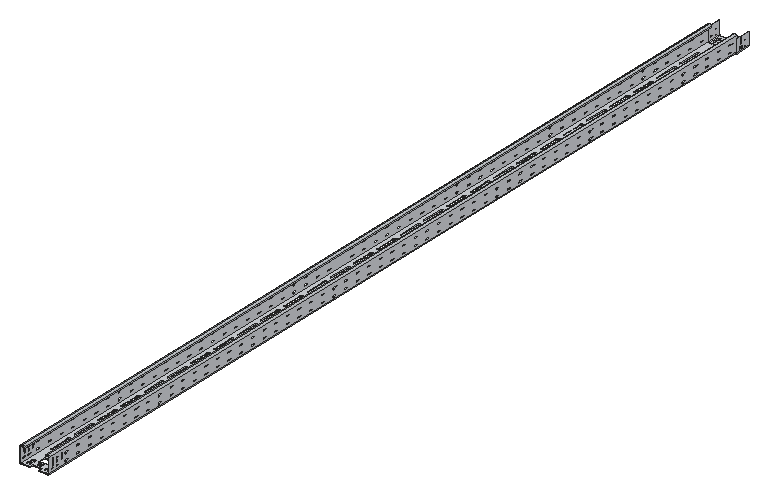
Revit family "Kabelrinne MKS Magic-MKSM Kabelrinne 1 mm, FT,FS", category Generic Models, Revit 2017 (continued)
Dimensions and locks
  aligned and locked: plane 8 to cut or joined group 1 (Extrusion 1, Extrusion 3, Extrusion 4, Extrusion 5, Extrusion 6, Extrusion 7, Extrusion 8, Extrusion 9, Extrusion 10, Extrusion 11, Extrusion 12, Extrusion 13, Extrusion 14, Extrusion 30, Extrusion 31, Extrusion 32, Extrusion 33, Extrusion 34, Extrusion 35, Extrusion 36, Extrusion 37, Extrusion 38, Extrusion 39, Extrusion 40, Extrusion 41, Extrusion 42, Extrusion 43, Extrusion 44, Extrusion 45, Extrusion 46, Extrusion 47, Extrusion 48, Extrusion 49, Extrusion 50, Extrusion 51, Extrusion 52, Extrusion 53, Extrusion 54, Extrusion 55, Extrusion 56, Extrusion 57, Extrusion 58, Extrusion 59, Extrusion 60, Extrusion 61, Extrusion 62, Extrusion 63, Extrusion 64, Extrusion 65, Extrusion 66, Extrusion 67, Extrusion 68, Extrusion 69, Extrusion 70, Extrusion 71, Extrusion 72, Extrusion 73, Extrusion 74, Extrusion 75, Extrusion 76, Extrusion 77, Extrusion 78, Extrusion 79, Extrusion 80, Extrusion 81, Extrusion 82, Extrusion 83, Extrusion 84, Extrusion 85, Extrusion 86, Extrusion 87, Extrusion 88, Extrusion 89, Extrusion 90, Extrusion 91, Extrusion 92, Extrusion 93, Extrusion 94, Extrusion 95, Extrusion 96, Extrusion 97, Extrusion 98, Extrusion 99, Extrusion 100, Extrusion 101, Extrusion 102, Extrusion 103, Extrusion 104, Extrusion 105, Extrusion 106, Extrusion 107, Extrusion 108, Extrusion 109, Extrusion 110, Extrusion 111, Extrusion 112, Extrusion 113, Extrusion 114, Extrusion 115, Extrusion 116, Extrusion 117, Extrusion 118, Extrusion 119, Extrusion 120, Extrusion 121, Extrusion 122, Extrusion 123, Extrusion 124, Extrusion 125, Extrusion 126, Extrusion 127, Extrusion 128, Extrusion 129, Extrusion 130, Extrusion 131, Extrusion 132, Extrusion 133, Extrusion 134, Extrusion 135, Extrusion 136, Extrusion 137, Extrusion 138, Extrusion 139, Extrusion 140, Extrusion 141, Extrusion 142, Extrusion 143, Extrusion 144, Extrusion 145, Extrusion 146, Extrusion 147, Extrusion 148, Extrusion 149, Extrusion 150, Extrusion 151, Extrusion 152, Extrusion 153, Extrusion 154, Extrusion 155, Extrusion 156, Extrusion 157, Extrusion 158, Extrusion 159, Extrusion 160, Extrusion 161, Extrusion 162, Extrusion 163, Extrusion 164, Extrusion 165, Extrusion 166, Extrusion 167, Extrusion 168, Extrusion 169, Extrusion 170, Extrusion 171, Extrusion 172, Extrusion 173, Extrusion 174, Extrusion 175, Extrusion 176, Extrusion 177, Extrusion 178, Extrusion 179, Extrusion 180, Extrusion 181, Extrusion 182, Extrusion 183, Extrusion 184, Extrusion 185, Extrusion 186, Extrusion 187, Extrusion 188, Extrusion 189, Extrusion 190, Extrusion 191, Extrusion 192, Extrusion 193, Extrusion 194, Extrusion 195, Extrusion 196, Extrusion 197, Extrusion 198, Extrusion 199, Extrusion 200, Extrusion 201, Extrusion 202, Extrusion 203, Extrusion 204, Extrusion 205, Extrusion 206, Extrusion 207, Extrusion 208, Extrusion 209, Extrusion 210, Extrusion 211, Extrusion 212, Extrusion 213, Extrusion 214, Extrusion 215, Extrusion 216, Extrusion 217, Extrusion 218, Extrusion 219, Extrusion 220, Extrusion 221, Extrusion 222, Extrusion 223, Extrusion 224, Extrusion 225, Extrusion 226, Extrusion 227, Extrusion 228, Extrusion 229, Extrusion 230, Extrusion 231, Extrusion 232, Extrusion 233, Extrusion 234, Extrusion 235, Extrusion 236, Extrusion 237, Extrusion 238, Extrusion 239, Extrusion 240, Extrusion 241, Extrusion 242, Extrusion 243, Extrusion 244, Extrusion 245, Extrusion 246, Extrusion 247, Extrusion 248, Extrusion 249, Extrusion 250, Extrusion 251, Extrusion 252, Extrusion 253, Extrusion 254, Extrusion 255, Extrusion 256, Extrusion 257, Extrusion 258, Extrusion 259, Extrusion 260, Extrusion 262, Extrusion 263, Extrusion 264, Extrusion 265, Extrusion 266, Extrusion 267, Extrusion 268, Extrusion 269, Extrusion 270, Extrusion 271, Extrusion 272, Extrusion 273, Extrusion 274, Extrusion 275, Extrusion 276, Extrusion 277, Extrusion 278, Extrusion 279, Extrusion 280, Extrusion 281, Extrusion 282, Extrusion 283, Extrusion 284, Extrusion 285, Extrusion 286, Extrusion 287, Extrusion 288, Extrusion 289, Extrusion 290, Extrusion 291, Extrusion 292, Extrusion 293, Extrusion 294, Extrusion 295, Extrusion 296, Extrusion 297, Extrusion 298, Extrusion 299, Extrusion 300, Extrusion 301, Extrusion 302, Extrusion 303, Extrusion 304, Extrusion 305, Extrusion 306, Extrusion 307, Extrusion 308, Extrusion 309, Extrusion 310, Extrusion 311, Extrusion 312, Extrusion 313, Extrusion 314, Extrusion 315, Extrusion 316, Extrusion 317, Extrusion 318, Extrusion 319, Extrusion 320, Extrusion 321, Extrusion 322, Extrusion 323, Extrusion 324, Extrusion 325, Extrusion 326, Extrusion 327, Extrusion 328, Extrusion 329, Extrusion 330, Extrusion 331, Extrusion 332, Extrusion 333, Extrusion 334, Extrusion 335, Extrusion 336, Extrusion 337, Extrusion 338, Extrusion 339, Extrusion 340, Extrusion 341, Extrusion 342, Extrusion 343, Extrusion 344, Extrusion 345, Extrusion 346, Extrusion 347, Extrusion 348, Extrusion 349, Extrusion 350, Extrusion 352, Extrusion 354, Extrusion 355, Extrusion 356, Extrusion 357, Extrusion 358, Extrusion 359, Extrusion 360, Extrusion 361, Extrusion 362, Extrusion 363, Extrusion 364, Extrusion 365, Extrusion 366, Extrusion 367, Extrusion 368, Extrusion 369, Extrusion 370, Extrusion 371, Extrusion 372, Extrusion 373, Extrusion 374, Extrusion 375, Extrusion 376, Extrusion 377, Extrusion 378, Extrusion 379, Extrusion 380, Extrusion 381, Extrusion 382, Extrusion 383, Extrusion 384, Extrusion 385, Extrusion 386, Extrusion 387, Extrusion 388, Extrusion 389, Extrusion 390, Extrusion 391, Extrusion 392, Extrusion 393, Extrusion 394, Extrusion 395, Extrusion 396, Extrusion 397, Extrusion 398, Extrusion 399, Extrusion 400, Extrusion 401, Extrusion 402, Extrusion 403, Extrusion 404, Extrusion 405, Extrusion 406, Extrusion 407, Extrusion 408, Extrusion 409, Extrusion 410, Extrusion 411)
  aligned and locked: plane 2 to cut or joined group 1
  aligned and locked: Extrusion 351 to plane 67
  aligned and locked: Extrusion 352 to level
  aligned and locked: plane 71 to Extrusion 351
  aligned and locked: Extrusion 354 sketch curve to Extrusion 353  (x5)
  aligned and locked: Extrusion 354 to level
  aligned and locked: Extrusion 355 sketch curve to Extrusion 351  (x4)
  aligned and locked: Extrusion 355 to level
  aligned and locked: Extrusion 356 to level
Automatic sketch dimensions
  Extrusion 31 sketch curve to Extrusion 31 sketch curve = 13 mm
  Extrusion 31 sketch curve to Extrusion 31 sketch curve = 3.5 mm
  Extrusion 30 sketch curve to Extrusion 30 sketch curve = 13 mm
  Extrusion 30 sketch curve to Extrusion 30 sketch curve = 3.5 mm
  Extrusion 32 sketch curve to Extrusion 32 sketch curve = 13 mm
  Extrusion 32 sketch curve to Extrusion 32 sketch curve = 3.5 mm
  Extrusion 33 sketch curve to Extrusion 33 sketch curve = 13 mm
  Extrusion 33 sketch curve to Extrusion 33 sketch curve = 3.5 mm
  Extrusion 34 sketch curve to Extrusion 34 sketch curve = 13 mm
  Extrusion 34 sketch curve to Extrusion 34 sketch curve = 3.5 mm
  Extrusion 35 sketch curve to Extrusion 35 sketch curve = 13 mm
  Extrusion 35 sketch curve to Extrusion 35 sketch curve = 3.5 mm
  Extrusion 36 sketch curve to Extrusion 36 sketch curve = 13 mm
  Extrusion 36 sketch curve to Extrusion 36 sketch curve = 3.5 mm
  Extrusion 37 sketch curve to Extrusion 37 sketch curve = 13 mm
  Extrusion 37 sketch curve to Extrusion 37 sketch curve = 3.5 mm
  Extrusion 38 sketch curve to Extrusion 38 sketch curve = 13 mm
  Extrusion 38 sketch curve to Extrusion 38 sketch curve = 3.5 mm
  Extrusion 39 sketch curve to Extrusion 39 sketch curve = 13 mm
  Extrusion 39 sketch curve to Extrusion 39 sketch curve = 3.5 mm
  Extrusion 40 sketch curve to Extrusion 40 sketch curve = 13 mm
  Extrusion 40 sketch curve to Extrusion 40 sketch curve = 3.5 mm
  Extrusion 41 sketch curve to Extrusion 41 sketch curve = 13 mm
  Extrusion 41 sketch curve to Extrusion 41 sketch curve = 3.5 mm
  Extrusion 42 sketch curve to Extrusion 42 sketch curve = 13 mm
  Extrusion 42 sketch curve to Extrusion 42 sketch curve = 3.5 mm
  Extrusion 43 sketch curve to Extrusion 43 sketch curve = 13 mm
  Extrusion 43 sketch curve to Extrusion 43 sketch curve = 3.5 mm
  Extrusion 44 sketch curve to Extrusion 44 sketch curve = 13 mm
  Extrusion 44 sketch curve to Extrusion 44 sketch curve = 3.5 mm
  Extrusion 45 sketch curve to Extrusion 45 sketch curve = 13 mm
  Extrusion 45 sketch curve to Extrusion 45 sketch curve = 3.5 mm
  Extrusion 46 sketch curve to Extrusion 46 sketch curve = 13 mm
  Extrusion 46 sketch curve to Extrusion 46 sketch curve = 3.5 mm
  Extrusion 47 sketch curve to Extrusion 47 sketch curve = 13 mm
  Extrusion 47 sketch curve to Extrusion 47 sketch curve = 3.5 mm
  Extrusion 48 sketch curve to Extrusion 48 sketch curve = 13 mm
  Extrusion 48 sketch curve to Extrusion 48 sketch curve = 3.5 mm
  Extrusion 49 sketch curve to Extrusion 49 sketch curve = 13 mm
  Extrusion 49 sketch curve to Extrusion 49 sketch curve = 3.5 mm
  Extrusion 50 sketch curve to Extrusion 50 sketch curve = 13 mm
  Extrusion 50 sketch curve to Extrusion 50 sketch curve = 3.5 mm
  Extrusion 51 sketch curve to Extrusion 51 sketch curve = 13 mm
  Extrusion 51 sketch curve to Extrusion 51 sketch curve = 3.5 mm
  Extrusion 52 sketch curve to Extrusion 52 sketch curve = 13 mm
  Extrusion 52 sketch curve to Extrusion 52 sketch curve = 3.5 mm
  Extrusion 53 sketch curve to Extrusion 53 sketch curve = 13 mm
  Extrusion 53 sketch curve to Extrusion 53 sketch curve = 3.5 mm
  Extrusion 54 sketch curve to Extrusion 54 sketch curve = 13 mm
  Extrusion 54 sketch curve to Extrusion 54 sketch curve = 3.5 mm
  Extrusion 55 sketch curve to Extrusion 55 sketch curve = 13 mm
  Extrusion 55 sketch curve to Extrusion 55 sketch curve = 3.5 mm
  Extrusion 56 sketch curve to Extrusion 56 sketch curve = 13 mm
  Extrusion 56 sketch curve to Extrusion 56 sketch curve = 3.5 mm
  Extrusion 57 sketch curve to Extrusion 57 sketch curve = 13 mm
  Extrusion 57 sketch curve to Extrusion 57 sketch curve = 3.5 mm
  Extrusion 58 sketch curve to Extrusion 58 sketch curve = 13 mm
  Extrusion 58 sketch curve to Extrusion 58 sketch curve = 3.5 mm
  Extrusion 59 sketch curve to Extrusion 59 sketch curve = 13 mm
  Extrusion 59 sketch curve to Extrusion 59 sketch curve = 3.5 mm
  Extrusion 60 sketch curve to Extrusion 60 sketch curve = 13 mm
  Extrusion 60 sketch curve to Extrusion 60 sketch curve = 3.5 mm
  Extrusion 61 sketch curve to Extrusion 61 sketch curve = 13 mm
  Extrusion 61 sketch curve to Extrusion 61 sketch curve = 3.5 mm
  Extrusion 62 sketch curve to Extrusion 62 sketch curve = 13 mm
  Extrusion 62 sketch curve to Extrusion 62 sketch curve = 3.5 mm
  Extrusion 63 sketch curve to Extrusion 63 sketch curve = 13 mm
  Extrusion 63 sketch curve to Extrusion 63 sketch curve = 3.5 mm
  Extrusion 64 sketch curve to Extrusion 64 sketch curve = 13 mm
  Extrusion 64 sketch curve to Extrusion 64 sketch curve = 3.5 mm
  Extrusion 65 sketch curve to Extrusion 65 sketch curve = 13 mm
  Extrusion 65 sketch curve to Extrusion 65 sketch curve = 3.5 mm
  Extrusion 66 sketch curve to Extrusion 66 sketch curve = 13 mm
  Extrusion 66 sketch curve to Extrusion 66 sketch curve = 3.5 mm
  Extrusion 67 sketch curve to Extrusion 67 sketch curve = 13 mm
  Extrusion 67 sketch curve to Extrusion 67 sketch curve = 3.5 mm
  Extrusion 68 sketch curve to Extrusion 68 sketch curve = 13 mm
  Extrusion 68 sketch curve to Extrusion 68 sketch curve = 3.5 mm
  Extrusion 69 sketch curve to Extrusion 69 sketch curve = 13 mm
  Extrusion 69 sketch curve to Extrusion 69 sketch curve = 3.5 mm
  Extrusion 70 sketch curve to Extrusion 70 sketch curve = 13 mm
  Extrusion 70 sketch curve to Extrusion 70 sketch curve = 3.5 mm
  Extrusion 71 sketch curve to Extrusion 71 sketch curve = 13 mm
  Extrusion 71 sketch curve to Extrusion 71 sketch curve = 3.5 mm
  Extrusion 72 sketch curve to Extrusion 72 sketch curve = 13 mm
  Extrusion 72 sketch curve to Extrusion 72 sketch curve = 3.5 mm
  Extrusion 73 sketch curve to Extrusion 73 sketch curve = 13 mm
  Extrusion 73 sketch curve to Extrusion 73 sketch curve = 3.5 mm
  Extrusion 74 sketch curve to Extrusion 74 sketch curve = 13 mm
  Extrusion 74 sketch curve to Extrusion 74 sketch curve = 3.5 mm
  Extrusion 75 sketch curve to Extrusion 75 sketch curve = 13 mm
  Extrusion 75 sketch curve to Extrusion 75 sketch curve = 3.5 mm
  Extrusion 76 sketch curve to Extrusion 76 sketch curve = 13 mm
  Extrusion 76 sketch curve to Extrusion 76 sketch curve = 3.5 mm
  Extrusion 77 sketch curve to Extrusion 77 sketch curve = 13 mm
  Extrusion 77 sketch curve to Extrusion 77 sketch curve = 3.5 mm
  Extrusion 78 sketch curve to Extrusion 78 sketch curve = 13 mm
  Extrusion 78 sketch curve to Extrusion 78 sketch curve = 3.5 mm
  Extrusion 79 sketch curve to Extrusion 79 sketch curve = 13 mm
  Extrusion 79 sketch curve to Extrusion 79 sketch curve = 3.5 mm
  Extrusion 80 sketch curve to Extrusion 80 sketch curve = 13 mm
  Extrusion 80 sketch curve to Extrusion 80 sketch curve = 3.5 mm
  Extrusion 81 sketch curve to Extrusion 81 sketch curve = 13 mm
  Extrusion 81 sketch curve to Extrusion 81 sketch curve = 3.5 mm
  Extrusion 82 sketch curve to Extrusion 82 sketch curve = 13 mm
  Extrusion 82 sketch curve to Extrusion 82 sketch curve = 3.5 mm
  Extrusion 83 sketch curve to Extrusion 83 sketch curve = 13 mm
  Extrusion 83 sketch curve to Extrusion 83 sketch curve = 3.5 mm
  Extrusion 84 sketch curve to Extrusion 84 sketch curve = 13 mm
  Extrusion 84 sketch curve to Extrusion 84 sketch curve = 3.5 mm
  Extrusion 85 sketch curve to Extrusion 85 sketch curve = 13 mm
  Extrusion 85 sketch curve to Extrusion 85 sketch curve = 3.5 mm
  Extrusion 86 sketch curve to Extrusion 86 sketch curve = 13 mm
  Extrusion 86 sketch curve to Extrusion 86 sketch curve = 3.5 mm
  Extrusion 87 sketch curve to Extrusion 87 sketch curve = 13 mm
  Extrusion 87 sketch curve to Extrusion 87 sketch curve = 3.5 mm
  Extrusion 89 sketch curve to Extrusion 89 sketch curve = 13 mm
  Extrusion 89 sketch curve to Extrusion 89 sketch curve = 3.5 mm
  Extrusion 90 sketch curve to Extrusion 90 sketch curve = 13 mm
  Extrusion 90 sketch curve to Extrusion 90 sketch curve = 3.5 mm
  Extrusion 91 sketch curve to Extrusion 91 sketch curve = 13 mm
  Extrusion 91 sketch curve to Extrusion 91 sketch curve = 3.5 mm
  Extrusion 92 sketch curve to Extrusion 92 sketch curve = 13 mm
  Extrusion 92 sketch curve to Extrusion 92 sketch curve = 3.5 mm
  Extrusion 93 sketch curve to Extrusion 93 sketch curve = 13 mm
  Extrusion 93 sketch curve to Extrusion 93 sketch curve = 3.5 mm
  Extrusion 94 sketch curve to Extrusion 94 sketch curve = 13 mm
  Extrusion 94 sketch curve to Extrusion 94 sketch curve = 3.5 mm
  Extrusion 95 sketch curve to Extrusion 95 sketch curve = 13 mm
  Extrusion 95 sketch curve to Extrusion 95 sketch curve = 3.5 mm
  Extrusion 96 sketch curve to Extrusion 96 sketch curve = 13 mm
  Extrusion 96 sketch curve to Extrusion 96 sketch curve = 3.5 mm
  Extrusion 97 sketch curve to Extrusion 97 sketch curve = 13 mm
  Extrusion 97 sketch curve to Extrusion 97 sketch curve = 3.5 mm
  Extrusion 98 sketch curve to Extrusion 98 sketch curve = 13 mm
  Extrusion 98 sketch curve to Extrusion 98 sketch curve = 3.5 mm
  Extrusion 99 sketch curve to Extrusion 99 sketch curve = 13 mm
  Extrusion 99 sketch curve to Extrusion 99 sketch curve = 3.5 mm
  Extrusion 100 sketch curve to Extrusion 100 sketch curve = 13 mm
  Extrusion 100 sketch curve to Extrusion 100 sketch curve = 3.5 mm
  Extrusion 101 sketch curve to Extrusion 101 sketch curve = 13 mm
  Extrusion 101 sketch curve to Extrusion 101 sketch curve = 3.5 mm
  Extrusion 102 sketch curve to Extrusion 102 sketch curve = 13 mm
  Extrusion 102 sketch curve to Extrusion 102 sketch curve = 3.5 mm
  Extrusion 103 sketch curve to Extrusion 103 sketch curve = 13 mm
  Extrusion 103 sketch curve to Extrusion 103 sketch curve = 3.5 mm
  Extrusion 104 sketch curve to Extrusion 104 sketch curve = 13 mm
  Extrusion 104 sketch curve to Extrusion 104 sketch curve = 3.5 mm
  Extrusion 105 sketch curve to Extrusion 105 sketch curve = 13 mm
  Extrusion 105 sketch curve to Extrusion 105 sketch curve = 3.5 mm
  Extrusion 106 sketch curve to Extrusion 106 sketch curve = 13 mm
  Extrusion 106 sketch curve to Extrusion 106 sketch curve = 3.5 mm
  Extrusion 107 sketch curve to Extrusion 107 sketch curve = 13 mm
  Extrusion 107 sketch curve to Extrusion 107 sketch curve = 3.5 mm
  Extrusion 108 sketch curve to Extrusion 108 sketch curve = 13 mm
  Extrusion 108 sketch curve to Extrusion 108 sketch curve = 3.5 mm
  Extrusion 109 sketch curve to Extrusion 109 sketch curve = 13 mm
  Extrusion 109 sketch curve to Extrusion 109 sketch curve = 3.5 mm
  Extrusion 110 sketch curve to Extrusion 110 sketch curve = 13 mm
  Extrusion 110 sketch curve to Extrusion 110 sketch curve = 3.5 mm
  Extrusion 111 sketch curve to Extrusion 111 sketch curve = 13 mm
  Extrusion 111 sketch curve to Extrusion 111 sketch curve = 3.5 mm
  Extrusion 112 sketch curve to Extrusion 112 sketch curve = 13 mm
  Extrusion 112 sketch curve to Extrusion 112 sketch curve = 3.5 mm
  Extrusion 113 sketch curve to Extrusion 113 sketch curve = 13 mm
  Extrusion 113 sketch curve to Extrusion 113 sketch curve = 3.5 mm
  Extrusion 114 sketch curve to Extrusion 114 sketch curve = 13 mm
  Extrusion 114 sketch curve to Extrusion 114 sketch curve = 3.5 mm
  Extrusion 115 sketch curve to Extrusion 115 sketch curve = 13 mm
  Extrusion 115 sketch curve to Extrusion 115 sketch curve = 3.5 mm
  Extrusion 116 sketch curve to Extrusion 116 sketch curve = 13 mm
  Extrusion 116 sketch curve to Extrusion 116 sketch curve = 3.5 mm
  Extrusion 117 sketch curve to Extrusion 117 sketch curve = 13 mm
  Extrusion 117 sketch curve to Extrusion 117 sketch curve = 3.5 mm
  Extrusion 118 sketch curve to Extrusion 118 sketch curve = 13 mm
  Extrusion 118 sketch curve to Extrusion 118 sketch curve = 3.5 mm
  Extrusion 119 sketch curve to Extrusion 119 sketch curve = 13 mm
  Extrusion 119 sketch curve to Extrusion 119 sketch curve = 3.5 mm
  Extrusion 120 sketch curve to Extrusion 120 sketch curve = 13 mm
  Extrusion 120 sketch curve to Extrusion 120 sketch curve = 3.5 mm
  Extrusion 121 sketch curve to Extrusion 121 sketch curve = 13 mm
  Extrusion 121 sketch curve to Extrusion 121 sketch curve = 3.5 mm
  Extrusion 122 sketch curve to Extrusion 122 sketch curve = 13 mm
  Extrusion 122 sketch curve to Extrusion 122 sketch curve = 3.5 mm
  Extrusion 123 sketch curve to Extrusion 123 sketch curve = 13 mm
  Extrusion 123 sketch curve to Extrusion 123 sketch curve = 3.5 mm
  Extrusion 124 sketch curve to Extrusion 124 sketch curve = 13 mm
  Extrusion 124 sketch curve to Extrusion 124 sketch curve = 3.5 mm
  Extrusion 125 sketch curve to Extrusion 125 sketch curve = 13 mm
  Extrusion 125 sketch curve to Extrusion 125 sketch curve = 3.5 mm
  Extrusion 126 sketch curve to Extrusion 126 sketch curve = 13 mm
  Extrusion 126 sketch curve to Extrusion 126 sketch curve = 3.5 mm
  Extrusion 127 sketch curve to Extrusion 127 sketch curve = 13 mm
  Extrusion 127 sketch curve to Extrusion 127 sketch curve = 3.5 mm
  Extrusion 128 sketch curve to Extrusion 128 sketch curve = 13 mm
  Extrusion 128 sketch curve to Extrusion 128 sketch curve = 3.5 mm
  Extrusion 129 sketch curve to Extrusion 129 sketch curve = 13 mm
  Extrusion 129 sketch curve to Extrusion 129 sketch curve = 3.5 mm
  Extrusion 130 sketch curve to Extrusion 130 sketch curve = 13 mm
  Extrusion 130 sketch curve to Extrusion 130 sketch curve = 3.5 mm
  Extrusion 131 sketch curve to Extrusion 131 sketch curve = 13 mm
  Extrusion 131 sketch curve to Extrusion 131 sketch curve = 3.5 mm
  Extrusion 132 sketch curve to Extrusion 132 sketch curve = 13 mm
  Extrusion 132 sketch curve to Extrusion 132 sketch curve = 3.5 mm
  Extrusion 133 sketch curve to Extrusion 133 sketch curve = 13 mm
  Extrusion 133 sketch curve to Extrusion 133 sketch curve = 3.5 mm
  Extrusion 134 sketch curve to Extrusion 134 sketch curve = 13 mm
  Extrusion 134 sketch curve to Extrusion 134 sketch curve = 3.5 mm
  Extrusion 135 sketch curve to Extrusion 135 sketch curve = 13 mm
  Extrusion 135 sketch curve to Extrusion 135 sketch curve = 3.5 mm
  Extrusion 136 sketch curve to Extrusion 136 sketch curve = 13 mm
  Extrusion 136 sketch curve to Extrusion 136 sketch curve = 3.5 mm
  Extrusion 137 sketch curve to Extrusion 137 sketch curve = 13 mm
  Extrusion 137 sketch curve to Extrusion 137 sketch curve = 3.5 mm
  Extrusion 138 sketch curve to Extrusion 138 sketch curve = 13 mm
  Extrusion 138 sketch curve to Extrusion 138 sketch curve = 3.5 mm
  Extrusion 139 sketch curve to Extrusion 139 sketch curve = 13 mm
  Extrusion 139 sketch curve to Extrusion 139 sketch curve = 3.5 mm
  Extrusion 140 sketch curve to Extrusion 140 sketch curve = 13 mm
  Extrusion 140 sketch curve to Extrusion 140 sketch curve = 3.5 mm
  Extrusion 141 sketch curve to Extrusion 141 sketch curve = 13 mm
  Extrusion 141 sketch curve to Extrusion 141 sketch curve = 3.5 mm
  Extrusion 142 sketch curve to Extrusion 142 sketch curve = 13 mm
  Extrusion 142 sketch curve to Extrusion 142 sketch curve = 3.5 mm
  Extrusion 143 sketch curve to Extrusion 143 sketch curve = 13 mm
  Extrusion 143 sketch curve to Extrusion 143 sketch curve = 3.5 mm
  Extrusion 144 sketch curve to Extrusion 144 sketch curve = 13 mm
  Extrusion 144 sketch curve to Extrusion 144 sketch curve = 3.5 mm
  Extrusion 145 sketch curve to Extrusion 145 sketch curve = 13 mm
  Extrusion 145 sketch curve to Extrusion 145 sketch curve = 3.5 mm
  Extrusion 146 sketch curve to Extrusion 146 sketch curve = 13 mm
  Extrusion 146 sketch curve to Extrusion 146 sketch curve = 3.5 mm
  Extrusion 147 sketch curve to Extrusion 147 sketch curve = 13 mm
  Extrusion 147 sketch curve to Extrusion 147 sketch curve = 3.5 mm
  Extrusion 148 sketch curve to Extrusion 148 sketch curve = 13 mm
  Extrusion 148 sketch curve to Extrusion 148 sketch curve = 3.5 mm
  Extrusion 149 sketch curve to Extrusion 149 sketch curve = 13 mm
  Extrusion 149 sketch curve to Extrusion 149 sketch curve = 3.5 mm
  Extrusion 150 sketch curve to Extrusion 150 sketch curve = 13 mm
  Extrusion 150 sketch curve to Extrusion 150 sketch curve = 3.5 mm
  Extrusion 151 sketch curve to Extrusion 151 sketch curve = 13 mm
  Extrusion 151 sketch curve to Extrusion 151 sketch curve = 3.5 mm
  Extrusion 152 sketch curve to Extrusion 152 sketch curve = 13 mm
  Extrusion 152 sketch curve to Extrusion 152 sketch curve = 3.5 mm
  Extrusion 153 sketch curve to Extrusion 153 sketch curve = 13 mm
  Extrusion 153 sketch curve to Extrusion 153 sketch curve = 3.5 mm
  Extrusion 154 sketch curve to Extrusion 154 sketch curve = 13 mm
  Extrusion 154 sketch curve to Extrusion 154 sketch curve = 3.5 mm
  Extrusion 155 sketch curve to Extrusion 155 sketch curve = 13 mm
  Extrusion 155 sketch curve to Extrusion 155 sketch curve = 3.5 mm
  Extrusion 156 sketch curve to Extrusion 156 sketch curve = 13 mm
  Extrusion 156 sketch curve to Extrusion 156 sketch curve = 3.5 mm
  Extrusion 157 sketch curve to Extrusion 157 sketch curve = 13 mm
  Extrusion 157 sketch curve to Extrusion 157 sketch curve = 3.5 mm
  Extrusion 158 sketch curve to Extrusion 158 sketch curve = 13 mm
  Extrusion 158 sketch curve to Extrusion 158 sketch curve = 3.5 mm
  Extrusion 159 sketch curve to Extrusion 159 sketch curve = 13 mm
  Extrusion 159 sketch curve to Extrusion 159 sketch curve = 3.5 mm
  Extrusion 160 sketch curve to Extrusion 160 sketch curve = 13 mm
  Extrusion 160 sketch curve to Extrusion 160 sketch curve = 3.5 mm
  Extrusion 161 sketch curve to Extrusion 161 sketch curve = 13 mm
  Extrusion 161 sketch curve to Extrusion 161 sketch curve = 3.5 mm
  Extrusion 162 sketch curve to Extrusion 162 sketch curve = 13 mm
  Extrusion 162 sketch curve to Extrusion 162 sketch curve = 3.5 mm
  Extrusion 163 sketch curve to Extrusion 163 sketch curve = 13 mm
  Extrusion 163 sketch curve to Extrusion 163 sketch curve = 3.5 mm
  Extrusion 164 sketch curve to Extrusion 164 sketch curve = 13 mm
  Extrusion 164 sketch curve to Extrusion 164 sketch curve = 3.5 mm
  Extrusion 165 sketch curve to Extrusion 165 sketch curve = 13 mm
  Extrusion 165 sketch curve to Extrusion 165 sketch curve = 3.5 mm
  Extrusion 166 sketch curve to Extrusion 166 sketch curve = 13 mm
  Extrusion 166 sketch curve to Extrusion 166 sketch curve = 3.5 mm
  Extrusion 167 sketch curve to Extrusion 167 sketch curve = 13 mm
  Extrusion 167 sketch curve to Extrusion 167 sketch curve = 3.5 mm
  Extrusion 168 sketch curve to Extrusion 168 sketch curve = 13 mm
  Extrusion 168 sketch curve to Extrusion 168 sketch curve = 3.5 mm
  Extrusion 169 sketch curve to Extrusion 169 sketch curve = 13 mm
  Extrusion 169 sketch curve to Extrusion 169 sketch curve = 3.5 mm
  Extrusion 170 sketch curve to Extrusion 170 sketch curve = 13 mm
  Extrusion 170 sketch curve to Extrusion 170 sketch curve = 3.5 mm
  Extrusion 171 sketch curve to Extrusion 171 sketch curve = 13 mm
  Extrusion 171 sketch curve to Extrusion 171 sketch curve = 3.5 mm
  Extrusion 172 sketch curve to Extrusion 172 sketch curve = 13 mm
  Extrusion 172 sketch curve to Extrusion 172 sketch curve = 3.5 mm
  Extrusion 173 sketch curve to Extrusion 173 sketch curve = 13 mm
  Extrusion 173 sketch curve to Extrusion 173 sketch curve = 3.5 mm
  Extrusion 174 sketch curve to Extrusion 174 sketch curve = 13 mm
  Extrusion 174 sketch curve to Extrusion 174 sketch curve = 3.5 mm
  Extrusion 175 sketch curve to Extrusion 175 sketch curve = 13 mm
  Extrusion 175 sketch curve to Extrusion 175 sketch curve = 3.5 mm
  Extrusion 176 sketch curve to Extrusion 176 sketch curve = 13 mm
  Extrusion 176 sketch curve to Extrusion 176 sketch curve = 3.5 mm
  Extrusion 177 sketch curve to Extrusion 177 sketch curve = 13 mm
  Extrusion 177 sketch curve to Extrusion 177 sketch curve = 3.5 mm
  Extrusion 178 sketch curve to Extrusion 178 sketch curve = 13 mm
  Extrusion 178 sketch curve to Extrusion 178 sketch curve = 3.5 mm
  Extrusion 179 sketch curve to Extrusion 179 sketch curve = 13 mm
  Extrusion 179 sketch curve to Extrusion 179 sketch curve = 3.5 mm
  Extrusion 180 sketch curve to Extrusion 180 sketch curve = 13 mm
  Extrusion 180 sketch curve to Extrusion 180 sketch curve = 3.5 mm
  Extrusion 181 sketch curve to Extrusion 181 sketch curve = 13 mm
  Extrusion 181 sketch curve to Extrusion 181 sketch curve = 3.5 mm
  Extrusion 182 sketch curve to Extrusion 182 sketch curve = 13 mm
  Extrusion 182 sketch curve to Extrusion 182 sketch curve = 3.5 mm
  Extrusion 183 sketch curve to Extrusion 183 sketch curve = 13 mm
  Extrusion 183 sketch curve to Extrusion 183 sketch curve = 3.5 mm
  Extrusion 184 sketch curve to Extrusion 184 sketch curve = 13 mm
  Extrusion 184 sketch curve to Extrusion 184 sketch curve = 3.5 mm
  Extrusion 185 sketch curve to Extrusion 185 sketch curve = 13 mm
  Extrusion 185 sketch curve to Extrusion 185 sketch curve = 3.5 mm
  Extrusion 186 sketch curve to Extrusion 186 sketch curve = 13 mm
  Extrusion 186 sketch curve to Extrusion 186 sketch curve = 3.5 mm
  Extrusion 187 sketch curve to Extrusion 187 sketch curve = 13 mm
  Extrusion 187 sketch curve to Extrusion 187 sketch curve = 3.5 mm
  Extrusion 188 sketch curve to Extrusion 188 sketch curve = 13 mm
  Extrusion 188 sketch curve to Extrusion 188 sketch curve = 3.5 mm
  Extrusion 189 sketch curve to Extrusion 189 sketch curve = 13 mm
  Extrusion 189 sketch curve to Extrusion 189 sketch curve = 3.5 mm
  Extrusion 190 sketch curve to Extrusion 190 sketch curve = 13 mm
  Extrusion 190 sketch curve to Extrusion 190 sketch curve = 3.5 mm
  Extrusion 191 sketch curve to Extrusion 191 sketch curve = 13 mm
  Extrusion 191 sketch curve to Extrusion 191 sketch curve = 3.5 mm
  Extrusion 192 sketch curve to Extrusion 192 sketch curve = 13 mm
  Extrusion 192 sketch curve to Extrusion 192 sketch curve = 3.5 mm
  Extrusion 193 sketch curve to Extrusion 193 sketch curve = 13 mm
  Extrusion 193 sketch curve to Extrusion 193 sketch curve = 3.5 mm
  Extrusion 194 sketch curve to Extrusion 194 sketch curve = 13 mm
  Extrusion 194 sketch curve to Extrusion 194 sketch curve = 3.5 mm
  Extrusion 195 sketch curve to Extrusion 195 sketch curve = 13 mm
  Extrusion 195 sketch curve to Extrusion 195 sketch curve = 3.5 mm
  Extrusion 196 sketch curve to Extrusion 196 sketch curve = 13 mm
  Extrusion 196 sketch curve to Extrusion 196 sketch curve = 3.5 mm
  Extrusion 197 sketch curve to Extrusion 197 sketch curve = 13 mm
  Extrusion 197 sketch curve to Extrusion 197 sketch curve = 3.5 mm
  Extrusion 198 sketch curve to Extrusion 198 sketch curve = 13 mm
  Extrusion 198 sketch curve to Extrusion 198 sketch curve = 3.5 mm
  Extrusion 199 sketch curve to Extrusion 199 sketch curve = 13 mm
  Extrusion 199 sketch curve to Extrusion 199 sketch curve = 3.5 mm
  Extrusion 200 sketch curve to Extrusion 200 sketch curve = 13 mm
  Extrusion 200 sketch curve to Extrusion 200 sketch curve = 3.5 mm
  Extrusion 201 sketch curve to Extrusion 201 sketch curve = 13 mm
  Extrusion 201 sketch curve to Extrusion 201 sketch curve = 3.5 mm
  Extrusion 202 sketch curve to Extrusion 202 sketch curve = 13 mm
  Extrusion 202 sketch curve to Extrusion 202 sketch curve = 3.5 mm
  Extrusion 203 sketch curve to Extrusion 203 sketch curve = 13 mm
  Extrusion 203 sketch curve to Extrusion 203 sketch curve = 3.5 mm
  Extrusion 204 sketch curve to Extrusion 204 sketch curve = 13 mm
  Extrusion 204 sketch curve to Extrusion 204 sketch curve = 3.5 mm
  Extrusion 205 sketch curve to Extrusion 205 sketch curve = 13 mm
  Extrusion 205 sketch curve to Extrusion 205 sketch curve = 3.5 mm
  Extrusion 206 sketch curve to Extrusion 206 sketch curve = 13 mm
  Extrusion 206 sketch curve to Extrusion 206 sketch curve = 3.5 mm
  Extrusion 207 sketch curve to Extrusion 207 sketch curve = 13 mm
  Extrusion 207 sketch curve to Extrusion 207 sketch curve = 3.5 mm
  Extrusion 208 sketch curve to Extrusion 208 sketch curve = 13 mm
  Extrusion 208 sketch curve to Extrusion 208 sketch curve = 3.5 mm
  Extrusion 209 sketch curve to Extrusion 209 sketch curve = 13 mm
  Extrusion 209 sketch curve to Extrusion 209 sketch curve = 3.5 mm
  Extrusion 210 sketch curve to Extrusion 210 sketch curve = 13 mm
  Extrusion 210 sketch curve to Extrusion 210 sketch curve = 3.5 mm
  Extrusion 211 sketch curve to Extrusion 211 sketch curve = 13 mm
  Extrusion 211 sketch curve to Extrusion 211 sketch curve = 3.5 mm
  Extrusion 212 sketch curve to Extrusion 212 sketch curve = 13 mm
  Extrusion 212 sketch curve to Extrusion 212 sketch curve = 3.5 mm
  Extrusion 213 sketch curve to Extrusion 213 sketch curve = 13 mm
  Extrusion 213 sketch curve to Extrusion 213 sketch curve = 3.5 mm
  Extrusion 214 sketch curve to Extrusion 214 sketch curve = 13 mm
  Extrusion 214 sketch curve to Extrusion 214 sketch curve = 3.5 mm
  Extrusion 215 sketch curve to Extrusion 215 sketch curve = 13 mm
  Extrusion 215 sketch curve to Extrusion 215 sketch curve = 3.5 mm
  Extrusion 216 sketch curve to Extrusion 216 sketch curve = 13 mm
  Extrusion 216 sketch curve to Extrusion 216 sketch curve = 3.5 mm
  Extrusion 217 sketch curve to Extrusion 217 sketch curve = 13 mm
  Extrusion 217 sketch curve to Extrusion 217 sketch curve = 3.5 mm
  Extrusion 218 sketch curve to Extrusion 218 sketch curve = 13 mm
  Extrusion 218 sketch curve to Extrusion 218 sketch curve = 3.5 mm
  Extrusion 219 sketch curve to Extrusion 219 sketch curve = 13 mm
  Extrusion 219 sketch curve to Extrusion 219 sketch curve = 3.5 mm
  Extrusion 220 sketch curve to Extrusion 220 sketch curve = 13 mm
  Extrusion 220 sketch curve to Extrusion 220 sketch curve = 3.5 mm
  Extrusion 221 sketch curve to Extrusion 221 sketch curve = 13 mm
  Extrusion 221 sketch curve to Extrusion 221 sketch curve = 3.5 mm
  Extrusion 222 sketch curve to Extrusion 222 sketch curve = 13 mm
  Extrusion 222 sketch curve to Extrusion 222 sketch curve = 3.5 mm
  Extrusion 223 sketch curve to Extrusion 223 sketch curve = 13 mm
  Extrusion 223 sketch curve to Extrusion 223 sketch curve = 3.5 mm
  Extrusion 224 sketch curve to Extrusion 224 sketch curve = 13 mm
  Extrusion 224 sketch curve to Extrusion 224 sketch curve = 3.5 mm
  Extrusion 225 sketch curve to Extrusion 225 sketch curve = 13 mm
  Extrusion 225 sketch curve to Extrusion 225 sketch curve = 3.5 mm
  Extrusion 226 sketch curve to Extrusion 226 sketch curve = 13 mm
  Extrusion 226 sketch curve to Extrusion 226 sketch curve = 3.5 mm
  Extrusion 227 sketch curve to Extrusion 227 sketch curve = 13 mm
  Extrusion 227 sketch curve to Extrusion 227 sketch curve = 3.5 mm
  Extrusion 228 sketch curve to Extrusion 228 sketch curve = 13 mm
  Extrusion 228 sketch curve to Extrusion 228 sketch curve = 3.5 mm
  Extrusion 229 sketch curve to Extrusion 229 sketch curve = 13 mm
  Extrusion 229 sketch curve to Extrusion 229 sketch curve = 3.5 mm
  Extrusion 230 sketch curve to Extrusion 230 sketch curve = 13 mm
  Extrusion 230 sketch curve to Extrusion 230 sketch curve = 3.5 mm
  Extrusion 231 sketch curve to Extrusion 231 sketch curve = 13 mm
  Extrusion 231 sketch curve to Extrusion 231 sketch curve = 3.5 mm
  Extrusion 232 sketch curve to Extrusion 232 sketch curve = 13 mm
  Extrusion 232 sketch curve to Extrusion 232 sketch curve = 3.5 mm
  Extrusion 233 sketch curve to Extrusion 233 sketch curve = 13 mm
  Extrusion 233 sketch curve to Extrusion 233 sketch curve = 3.5 mm
  Extrusion 234 sketch curve to Extrusion 234 sketch curve = 13 mm
  Extrusion 234 sketch curve to Extrusion 234 sketch curve = 3.5 mm
  Extrusion 235 sketch curve to Extrusion 235 sketch curve = 13 mm
  Extrusion 235 sketch curve to Extrusion 235 sketch curve = 3.5 mm
  Extrusion 236 sketch curve to Extrusion 236 sketch curve = 13 mm
  Extrusion 236 sketch curve to Extrusion 236 sketch curve = 3.5 mm
  Extrusion 237 sketch curve to Extrusion 237 sketch curve = 13 mm
  Extrusion 237 sketch curve to Extrusion 237 sketch curve = 3.5 mm
  Extrusion 238 sketch curve to Extrusion 238 sketch curve = 13 mm
  Extrusion 238 sketch curve to Extrusion 238 sketch curve = 3.5 mm
  Extrusion 239 sketch curve to Extrusion 239 sketch curve = 13 mm
  Extrusion 239 sketch curve to Extrusion 239 sketch curve = 3.5 mm
  Extrusion 240 sketch curve to Extrusion 240 sketch curve = 13 mm
  Extrusion 240 sketch curve to Extrusion 240 sketch curve = 3.5 mm
  Extrusion 241 sketch curve to Extrusion 241 sketch curve = 13 mm
  Extrusion 241 sketch curve to Extrusion 241 sketch curve = 3.5 mm
  Extrusion 242 sketch curve to Extrusion 242 sketch curve = 13 mm
  Extrusion 242 sketch curve to Extrusion 242 sketch curve = 3.5 mm
  Extrusion 243 sketch curve to Extrusion 243 sketch curve = 13 mm
  Extrusion 243 sketch curve to Extrusion 243 sketch curve = 3.5 mm
  Extrusion 244 sketch curve to Extrusion 244 sketch curve = 13 mm
  Extrusion 244 sketch curve to Extrusion 244 sketch curve = 3.5 mm
  Extrusion 245 sketch curve to Extrusion 245 sketch curve = 13 mm
  Extrusion 245 sketch curve to Extrusion 245 sketch curve = 3.5 mm
  Extrusion 246 sketch curve to Extrusion 246 sketch curve = 13 mm
  Extrusion 246 sketch curve to Extrusion 246 sketch curve = 3.5 mm
  Extrusion 247 sketch curve to Extrusion 247 sketch curve = 13 mm
  Extrusion 247 sketch curve to Extrusion 247 sketch curve = 3.5 mm
  Extrusion 248 sketch curve to Extrusion 248 sketch curve = 13 mm
  Extrusion 248 sketch curve to Extrusion 248 sketch curve = 3.5 mm
  Extrusion 249 sketch curve to Extrusion 249 sketch curve = 13 mm
  Extrusion 249 sketch curve to Extrusion 249 sketch curve = 3.5 mm
  Extrusion 250 sketch curve to Extrusion 250 sketch curve = 13 mm
  Extrusion 250 sketch curve to Extrusion 250 sketch curve = 3.5 mm
  Extrusion 251 sketch curve to Extrusion 251 sketch curve = 13 mm
  Extrusion 251 sketch curve to Extrusion 251 sketch curve = 3.5 mm
  Extrusion 252 sketch curve to Extrusion 252 sketch curve = 13 mm
  Extrusion 252 sketch curve to Extrusion 252 sketch curve = 3.5 mm
  Extrusion 253 sketch curve to Extrusion 253 sketch curve = 13 mm
  Extrusion 253 sketch curve to Extrusion 253 sketch curve = 3.5 mm
  Extrusion 254 sketch curve to Extrusion 254 sketch curve = 13 mm
  Extrusion 254 sketch curve to Extrusion 254 sketch curve = 3.5 mm
  Extrusion 255 sketch curve to Extrusion 255 sketch curve = 13 mm
  Extrusion 255 sketch curve to Extrusion 255 sketch curve = 3.5 mm
  Extrusion 256 sketch curve to Extrusion 256 sketch curve = 13 mm
  Extrusion 256 sketch curve to Extrusion 256 sketch curve = 3.5 mm
  Extrusion 257 sketch curve to Extrusion 257 sketch curve = 13 mm
  Extrusion 257 sketch curve to Extrusion 257 sketch curve = 3.5 mm
  Extrusion 258 sketch curve to Extrusion 258 sketch curve = 13 mm
  Extrusion 258 sketch curve to Extrusion 258 sketch curve = 3.5 mm
  Extrusion 259 sketch curve to Extrusion 259 sketch curve = 13 mm
  Extrusion 259 sketch curve to Extrusion 259 sketch curve = 3.5 mm
  Extrusion 260 sketch curve to Extrusion 260 sketch curve = 13 mm
  Extrusion 260 sketch curve to Extrusion 260 sketch curve = 3.5 mm
  Extrusion 2 sketch curve to Extrusion 2 sketch curve = 0 mm  (x2)
  Extrusion 2 sketch curve to level = 0 mm
  level to Extrusion 2 sketch curve = 2.5 mm  (x2)
  Extrusion 2 sketch curve to plane 24 = 20.799 mm
  Extrusion 2 sketch curve to Extrusion 2 sketch curve = 1.8 mm
  Extrusion 2 sketch curve to Extrusion 2 sketch curve = 2.471 mm
  Extrusion 2 sketch curve to Extrusion 2 sketch curve = 0.029 mm
  plane 25 to Extrusion 2 sketch curve = 16.5 mm
  Extrusion 2 sketch curve to plane 16 = 0.758 mm  (x2)
  Extrusion 11 sketch curve to plane 27 = 0 mm
  Extrusion 11 sketch curve to plane 16 = 0 mm
  Extrusion 11 sketch curve to plane 22 = 0 mm
  Extrusion 11 sketch curve to plane 15 = 0 mm
  plane 54 to Extrusion 11 sketch curve = 0.214 mm  (x2)
  plane 37 to Extrusion 11 sketch curve = 1.4 mm
  Extrusion 12 sketch curve to plane 22 = 0 mm
  Extrusion 12 sketch curve to plane 16 = 0 mm
  Extrusion 12 sketch curve to plane 15 = 0 mm
  Extrusion 12 sketch curve to plane 54 = 2.293 mm
  plane 54 to Extrusion 12 sketch curve = 0.214 mm  (x2)
  plane 71 to Extrusion 12 sketch curve = 0.394 mm
  plane 37 to Extrusion 12 sketch curve = 1.4 mm
  plane 16 to Extrusion 13 sketch curve = 0 mm
  plane 22 to Extrusion 13 sketch curve = 0 mm
  Extrusion 13 sketch curve to plane 29 = 0 mm
  Extrusion 13 sketch curve to Extrusion 13 sketch curve = 8 mm  (x2)
  Extrusion 13 sketch curve to Extrusion 13 sketch curve = 2.5 mm
  plane 16 to Extrusion 14 sketch curve = 0 mm
  plane 22 to Extrusion 14 sketch curve = 0 mm
  Extrusion 14 sketch curve to plane 33 = 0 mm
  plane 33 to Extrusion 14 sketch curve = 2.5 mm  (x2)
  plane 37 to Extrusion 14 sketch curve = 1.4 mm
  Extrusion 15 sketch curve to plane 35 = 0 mm
  Extrusion 15 sketch curve to plane 36 = 0 mm
  Extrusion 15 sketch curve to plane 11 = 4.558 mm
  Extrusion 16 sketch curve to plane 35 = 0 mm
  Extrusion 16 sketch curve to plane 36 = 0 mm
  Extrusion 16 sketch curve to plane 11 = 4.578 mm
  Extrusion 17 sketch curve to plane 39 = 0 mm
  Extrusion 17 sketch curve to plane 38 = 0 mm
  Extrusion 17 sketch curve to plane 22 = 0.616 mm
  Extrusion 18 sketch curve to plane 42 = 0 mm
  plane 42 to Extrusion 18 sketch curve = 0.063 mm
  Extrusion 18 sketch curve to plane 41 = 0.025 mm
  Extrusion 18 sketch curve to plane 16 = 0.758 mm
  plane 41 to Extrusion 18 sketch curve = 3.01 mm
  Extrusion 18 sketch curve to plane 36 = 1.347 mm
  Extrusion 18 sketch curve to plane 22 = 0.616 mm
  Extrusion 19 sketch curve to plane 37 = 0 mm
  Extrusion 19 sketch curve to plane 14 = 1.9 mm
  Extrusion 19 sketch curve to plane 44 = 5 mm
  plane 53 to Extrusion 19 sketch curve = 2.71 mm
  plane 45 to Extrusion 20 sketch curve = 0 mm
  plane 44 to Extrusion 20 sketch curve = 0.041 mm
  Extrusion 21 sketch curve to plane 37 = 0 mm
  Extrusion 21 sketch curve to plane 44 = 5 mm
  plane 53 to Extrusion 21 sketch curve = 2.71 mm
  Extrusion 21 sketch curve to plane 14 = 1.9 mm
  Extrusion 22 sketch curve to plane 46 = 0.004 mm
  Extrusion 22 sketch curve to plane 44 = 0.051 mm
  Extrusion 23 sketch curve to plane 41 = 0 mm
  Extrusion 23 sketch curve to plane 42 = 0 mm
  Extrusion 23 sketch curve to plane 15 = 0.5 mm
  Extrusion 23 sketch curve to plane 22 = 0.616 mm
  Extrusion 24 sketch curve to plane 41 = 0 mm
  Extrusion 24 sketch curve to plane 42 = 0 mm
  Extrusion 24 sketch curve to plane 16 = 0.758 mm
  plane 41 to Extrusion 24 sketch curve = 3.01 mm
  Extrusion 24 sketch curve to plane 41 = 0.025 mm
  Extrusion 24 sketch curve to plane 36 = 1.283 mm
  Extrusion 24 sketch curve to plane 22 = 0.616 mm
  Extrusion 25 sketch curve to plane 42 = 1.08 mm
  Extrusion 25 sketch curve to plane 3 "Center (Left/Right)" = 7.999 mm
  plane 48 to Extrusion 26 sketch curve = 3.5 mm
  Extrusion 26 sketch curve to plane 24 = 8 mm
  plane 48 to Extrusion 27 sketch curve = 3.5 mm
  Extrusion 28 sketch curve to plane 42 = 1.08 mm
  Extrusion 28 sketch curve to plane 24 = 8 mm
  plane 41 to Extrusion 28 sketch curve = 1.52 mm
  plane 63 to Extrusion 28 sketch curve = 7.999 mm
  plane 41 to Extrusion 29 sketch curve = 1.52 mm
  Extrusion 29 sketch curve to plane 25 = 8 mm
  plane 25 to Extrusion 29 sketch curve = 8 mm
  plane 13 to Extrusion 88 sketch curve = 0 mm
  plane 35 to Extrusion 88 sketch curve = 0.058 mm
  plane 50 to Extrusion 88 sketch curve = 6.5 mm
  Extrusion 88 sketch curve to plane 50 = 6.5 mm
  plane 63 to Extrusion 261 sketch curve = 14.837 mm
  Extrusion 261 sketch curve to Extrusion 261 sketch curve = 1.163 mm  (x2)
  plane 53 to Extrusion 261 sketch curve = 11.048 mm  (x2)
  Extrusion 261 sketch curve to Extrusion 261 sketch curve = 1.662 mm
  plane 1 "Center (Front/Back)" to Extrusion 262 sketch curve = 0 mm  (x2)
  Extrusion 262 sketch curve to plane 55 = 0 mm  (x2)
  Extrusion 262 sketch curve to plane 54 = 0 mm
  Extrusion 262 sketch curve to Extrusion 262 sketch curve = 0.679 mm
  Extrusion 262 sketch curve to Extrusion 262 sketch curve = 0.606 mm
  Extrusion 351 sketch curve to level = 0 mm  (x4)
  Extrusion 351 sketch curve to plane 24 = 0 mm
  Extrusion 351 sketch curve to plane 25 = 0 mm  (x2)
  Extrusion 351 sketch curve to plane 65 = 0 mm  (x2)
  Extrusion 351 sketch curve to plane 24 = 4.014 mm
  Extrusion 351 sketch curve to Extrusion 351 sketch curve = 1.984 mm
  plane 24 to Extrusion 351 sketch curve = 0 mm
  plane 63 to Extrusion 351 sketch curve = 4.015 mm
  Extrusion 351 sketch curve to Extrusion 351 sketch curve = 1.985 mm  (x3)
  Extrusion 351 sketch curve to plane 25 = 6 mm
  plane 25 to Extrusion 351 sketch curve = 4.015 mm
  Extrusion 351 sketch curve to plane 7 = 0.534 mm  (x2)
  plane 70 to Extrusion 352 sketch curve = 0.867 mm
  plane 70 to Extrusion 352 sketch curve = 0.913 mm
  plane 70 to Extrusion 352 sketch curve = 0.989 mm
  Extrusion 352 sketch curve to plane 71 = 0.523 mm
  Extrusion 352 sketch curve to Extrusion 352 sketch curve = 0.087 mm
  Extrusion 352 sketch curve to plane 62 = 0.283 mm
  Extrusion 352 sketch curve to plane 69 = 2.042 mm
  Extrusion 352 sketch curve to plane 69 = 1.863 mm
  Extrusion 352 sketch curve to plane 1 "Center (Front/Back)" = 26.853 mm
  Extrusion 353 sketch curve to level = 0 mm  (x4)
  Extrusion 353 sketch curve to plane 24 = 0 mm
  Extrusion 353 sketch curve to plane 25 = 0 mm  (x2)
  Extrusion 353 sketch curve to plane 72 = 0 mm  (x2)
  Extrusion 353 sketch curve to plane 24 = 4.014 mm
  Extrusion 353 sketch curve to Extrusion 353 sketch curve = 1.984 mm
  plane 24 to Extrusion 353 sketch curve = 0 mm
  plane 63 to Extrusion 353 sketch curve = 4.015 mm
  Extrusion 353 sketch curve to Extrusion 353 sketch curve = 1.985 mm  (x3)
  Extrusion 353 sketch curve to plane 25 = 6 mm
  plane 25 to Extrusion 353 sketch curve = 4.015 mm
  Extrusion 353 sketch curve to plane 7 = 0.534 mm  (x2)
  plane 20 to Extrusion 354 sketch curve = 0.65 mm
  plane 62 to Extrusion 354 sketch curve = 4.9 mm  (x2)
  Extrusion 355 sketch curve to plane 71 = 0 mm  (x2)
  Extrusion 355 sketch curve to plane 67 = 0 mm  (x2)
  Extrusion 356 sketch curve to plane 75 = 3.452 mm
  Extrusion 356 sketch curve to plane 74 = 3.455 mm
  Extrusion 357 sketch curve to plane 78 = 3.452 mm
  Extrusion 357 sketch curve to plane 77 = 3.455 mm
  Extrusion 357 sketch curve to Extrusion 357 sketch curve = 3.5 mm
  Extrusion 356 sketch curve to Extrusion 356 sketch curve = 3.5 mm
  Extrusion 358 sketch curve to plane 81 = 3.452 mm
  Extrusion 358 sketch curve to plane 80 = 3.455 mm
  Extrusion 358 sketch curve to Extrusion 358 sketch curve = 3.5 mm
  Extrusion 359 sketch curve to plane 84 = 3.452 mm
  Extrusion 359 sketch curve to plane 83 = 3.455 mm
  Extrusion 359 sketch curve to Extrusion 359 sketch curve = 3.5 mm
  Extrusion 360 sketch curve to plane 86 = 3.452 mm
  Extrusion 360 sketch curve to plane 85 = 3.455 mm
  Extrusion 360 sketch curve to Extrusion 360 sketch curve = 3.5 mm
  Extrusion 361 sketch curve to plane 88 = 3.452 mm
  Extrusion 361 sketch curve to plane 87 = 3.455 mm
  Extrusion 361 sketch curve to Extrusion 361 sketch curve = 3.5 mm
  Extrusion 362 sketch curve to plane 90 = 3.452 mm
  Extrusion 362 sketch curve to plane 89 = 3.455 mm
  Extrusion 362 sketch curve to Extrusion 362 sketch curve = 3.5 mm
  Extrusion 363 sketch curve to plane 92 = 3.452 mm
  Extrusion 363 sketch curve to plane 91 = 3.455 mm
  Extrusion 363 sketch curve to Extrusion 363 sketch curve = 3.5 mm
  Extrusion 364 sketch curve to plane 94 = 3.452 mm
  Extrusion 364 sketch curve to plane 93 = 3.455 mm
  Extrusion 364 sketch curve to Extrusion 364 sketch curve = 3.5 mm
  Extrusion 365 sketch curve to plane 96 = 3.452 mm
  Extrusion 365 sketch curve to plane 95 = 3.455 mm
  Extrusion 365 sketch curve to Extrusion 365 sketch curve = 3.5 mm
  Extrusion 366 sketch curve to plane 98 = 3.452 mm
  Extrusion 366 sketch curve to plane 97 = 3.455 mm
  Extrusion 366 sketch curve to Extrusion 366 sketch curve = 3.5 mm
  Extrusion 367 sketch curve to plane 100 = 3.452 mm
  Extrusion 367 sketch curve to plane 99 = 3.455 mm
  Extrusion 367 sketch curve to Extrusion 367 sketch curve = 3.5 mm
  Extrusion 368 sketch curve to plane 102 = 3.452 mm
  Extrusion 368 sketch curve to plane 101 = 3.455 mm
  Extrusion 368 sketch curve to Extrusion 368 sketch curve = 3.5 mm
  Extrusion 369 sketch curve to plane 104 = 3.452 mm
  Extrusion 369 sketch curve to plane 103 = 3.455 mm
  Extrusion 369 sketch curve to Extrusion 369 sketch curve = 3.5 mm
  Extrusion 370 sketch curve to plane 106 = 3.452 mm
  Extrusion 370 sketch curve to plane 105 = 3.455 mm
  Extrusion 370 sketch curve to Extrusion 370 sketch curve = 3.5 mm
  Extrusion 371 sketch curve to plane 108 = 3.452 mm
  Extrusion 371 sketch curve to plane 107 = 3.455 mm
  Extrusion 371 sketch curve to Extrusion 371 sketch curve = 3.5 mm
  Extrusion 372 sketch curve to plane 110 = 3.452 mm
  Extrusion 372 sketch curve to plane 109 = 3.455 mm
  Extrusion 372 sketch curve to Extrusion 372 sketch curve = 3.5 mm
  Extrusion 373 sketch curve to plane 112 = 3.452 mm
  Extrusion 373 sketch curve to plane 111 = 3.455 mm
  Extrusion 373 sketch curve to Extrusion 373 sketch curve = 3.5 mm
  Extrusion 374 sketch curve to plane 114 = 3.452 mm
  Extrusion 374 sketch curve to plane 113 = 3.455 mm
  Extrusion 374 sketch curve to Extrusion 374 sketch curve = 3.5 mm
  Extrusion 375 sketch curve to plane 116 = 3.452 mm
  Extrusion 375 sketch curve to plane 115 = 3.455 mm
  Extrusion 375 sketch curve to Extrusion 375 sketch curve = 3.5 mm
  Extrusion 376 sketch curve to plane 118 = 3.452 mm
  Extrusion 376 sketch curve to plane 117 = 3.455 mm
  Extrusion 376 sketch curve to Extrusion 376 sketch curve = 3.5 mm
  Extrusion 377 sketch curve to plane 120 = 3.452 mm
  Extrusion 377 sketch curve to plane 119 = 3.455 mm
  Extrusion 377 sketch curve to Extrusion 377 sketch curve = 3.5 mm
  Extrusion 378 sketch curve to plane 122 = 3.452 mm
  Extrusion 378 sketch curve to plane 121 = 3.455 mm
  Extrusion 378 sketch curve to Extrusion 378 sketch curve = 3.5 mm
  Extrusion 379 sketch curve to plane 124 = 3.452 mm
  Extrusion 379 sketch curve to plane 123 = 3.455 mm
  Extrusion 379 sketch curve to Extrusion 379 sketch curve = 3.5 mm
  Extrusion 380 sketch curve to plane 126 = 3.452 mm
  Extrusion 380 sketch curve to plane 125 = 3.455 mm
  Extrusion 380 sketch curve to Extrusion 380 sketch curve = 3.5 mm
  Extrusion 381 sketch curve to plane 128 = 3.452 mm
  Extrusion 381 sketch curve to plane 127 = 3.455 mm
  Extrusion 381 sketch curve to Extrusion 381 sketch curve = 3.5 mm
  Extrusion 382 sketch curve to plane 130 = 3.452 mm
  Extrusion 382 sketch curve to plane 129 = 3.455 mm
  Extrusion 382 sketch curve to Extrusion 382 sketch curve = 3.5 mm
  Extrusion 383 sketch curve to plane 132 = 3.452 mm
  Extrusion 383 sketch curve to plane 131 = 3.455 mm
  Extrusion 383 sketch curve to Extrusion 383 sketch curve = 3.5 mm
  plane 134 to Extrusion 384 sketch curve = 3.521 mm
  Extrusion 384 sketch curve to plane 135 = 3.517 mm
  Extrusion 384 sketch curve to Extrusion 384 sketch curve = 3.5 mm
  plane 138 to Extrusion 385 sketch curve = 3.521 mm
  Extrusion 385 sketch curve to plane 139 = 3.517 mm
  Extrusion 385 sketch curve to Extrusion 385 sketch curve = 3.5 mm
  plane 142 to Extrusion 386 sketch curve = 3.521 mm
  Extrusion 386 sketch curve to plane 143 = 3.517 mm
  Extrusion 386 sketch curve to Extrusion 386 sketch curve = 3.5 mm
  plane 146 to Extrusion 387 sketch curve = 3.521 mm
  Extrusion 387 sketch curve to plane 147 = 3.517 mm
  Extrusion 387 sketch curve to Extrusion 387 sketch curve = 3.5 mm
  plane 150 to Extrusion 388 sketch curve = 3.521 mm
  Extrusion 388 sketch curve to plane 151 = 3.517 mm
  Extrusion 388 sketch curve to Extrusion 388 sketch curve = 3.5 mm
  plane 154 to Extrusion 389 sketch curve = 3.521 mm
  Extrusion 389 sketch curve to plane 155 = 3.517 mm
  Extrusion 389 sketch curve to Extrusion 389 sketch curve = 3.5 mm
  plane 158 to Extrusion 390 sketch curve = 3.521 mm
  Extrusion 390 sketch curve to plane 159 = 3.517 mm
  Extrusion 390 sketch curve to Extrusion 390 sketch curve = 3.5 mm
  plane 162 to Extrusion 391 sketch curve = 3.521 mm
  Extrusion 391 sketch curve to plane 163 = 3.517 mm
  Extrusion 391 sketch curve to Extrusion 391 sketch curve = 3.5 mm
  plane 166 to Extrusion 392 sketch curve = 3.521 mm
  Extrusion 392 sketch curve to plane 167 = 3.517 mm
  Extrusion 392 sketch curve to Extrusion 392 sketch curve = 3.5 mm
  plane 170 to Extrusion 393 sketch curve = 3.521 mm
  Extrusion 393 sketch curve to plane 171 = 3.517 mm
